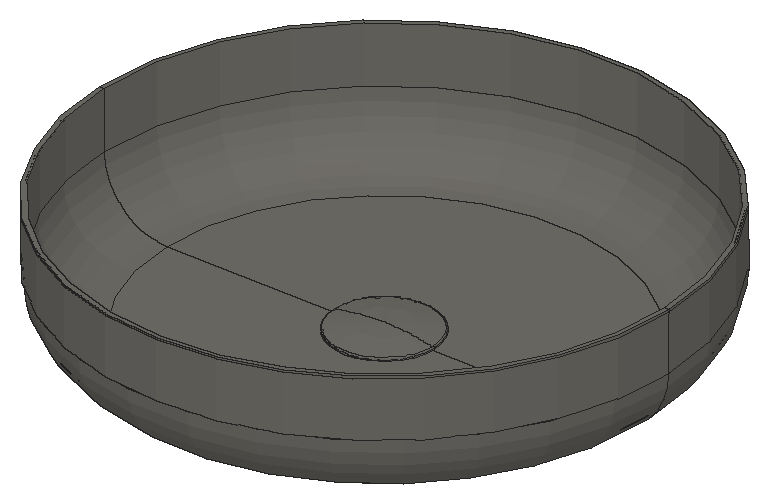
Revit family "Reece_Basin_Alape_Sondo_Above Counter Basin_400 mm", category Plumbing Fixtures, host Face, Revit 2018
Family settings
  Host = Face
  Round Connector Dimension = Use Diameter
  Part Type = Normal
  Cut with Voids When Loaded = No
  Shared = Yes
  Room Calculation Point = Yes
Parameters (values of type "10 L_Enamelled Glazed Steel_Dark Iron")
  WFU = 0  # constant formula
  URL = "https://www.reece.com.au/product/-1806082"
  Type Comments = "Basin"
  Reece_Product_Web Page = "https://www.reece.com.au/product/-1806082"
  Reece_Product_Type = "Basin"  # constant formula
  Reece_Product_Sub Brand = "Sondo"  # constant formula
  Reece_Product_Number = "1806082"
  Reece_Product_Mount = "Above Counter Basin"
  Reece_Product_Description = "Alape Sondo Counter Basin 400mm Dark Iron"
  Reece_Product_Brand = "Alape"  # constant formula
  Reece_Overall_Width = 400 mm  # constant formula
  Reece_Overall_Length = 400 mm  # constant formula
  Reece_Overall_Height = 102 mm  # constant formula
  Reece_Overall_Capacity = 10.00 L  # constant formula
  Reece_Material_Secondary = Reece_Metal_Steel Enamelled_Dark Iron
  Reece_Material_Colour = Reece_Plastic_Black
  Reece_Material-Main = Reece_Metal_Steel Enamelled_Dark Iron
  Reece_Detail_Installation = "Above Counter Basin"  # constant formula
  Reece_Detail_Disclaimer = "THIS FILE IS THE PROPERTY OF THE REECE GROUP. IT MAY NOT BE REPRODUCED, REVERSE-ENGINEERED OR MODIFIED. ANY REPUBLICATION, TRANSMISSION OR DISTRIBUTION FOR THE PURPOSE OF COMMERCIALLY EXPLOITING THE FILES IS PROHIBITED."  # constant formula
  Reece_Detail_Connector = "No Taphole"  # constant formula
  Reece_Detail_Additional = "No Overflow"  # constant formula
  Reece_Basin_Outlet = 32 mm  # constant formula
  Model = "Sondo"
  Manufacturer = "Alape"
  Keynote = "Product #1806082, Reece_Basin_Alape_Sondo_Above Counter Basin_400 mm - 10 L_Enamelled Glazed Steel_Dark Iron"
  HWFU = 0  # constant formula
  Disclaimer = "THIS FILE IS THE PROPERTY OF THE REECE GROUP. IT MAY NOT BE REPRODUCED, REVERSE-ENGINEERED OR MODIFIED. ANY REPUBLICATION, TRANSMISSION OR DISTRIBUTION FOR THE PURPOSE OF COMMERCIALLY EXPLOITING THE FILES IS PROHIBITED."  # constant formula
  Description = "Alape Sondo Counter Basin 400mm Dark Iron"
  Default Elevation = 1000 mm
  CWFU = 0  # constant formula
Types (4, lengths in mm): name | URL | Reece_Product_Web Page | Reece_Product_Number | Reece_Product_Description | Reece_Material_Secondary | Reece_Material_Colour | Reece_Material-Main | Keynote | Description
  (no name) | "https://www.reece.com.au/product/-1806083" | "https://www.reece.com.au/product/-1806083" | "1806083" | "Alape Sondo Counter Basin 400mm Bi-Colour" | Reece_Metal_Steel Enamelled_Matte Black | Reece_Plastic_Black | Reece_Metal_Steel Enamelled_White | "Product #1806083, Reece_Basin_Alape_Sondo_Above Counter Basin_400 mm -  " | "Alape Sondo Counter Basin 400mm Bi-Colour"
  10 L_Enamelled Glazed Steel_Bi-Colour | "https://www.reece.com.au/product/-1806083" | "https://www.reece.com.au/product/-1806083" | "1806083" | "Alape Sondo Counter Basin 400mm Bi-Colour" | Reece_Metal_Steel Enamelled_Matte Black | Reece_Plastic_Black | Reece_Metal_Steel Enamelled_White | "Product #1806083, Reece_Basin_Alape_Sondo_Above Counter Basin_400 mm - 10 L_Enamelled Glazed Steel_Bi-Colour" | "Alape Sondo Counter Basin 400mm Bi-Colour"
  10 L_Enamelled Glazed Steel_Dark Iron | "https://www.reece.com.au/product/-1806082" | "https://www.reece.com.au/product/-1806082" | "1806082" | "Alape Sondo Counter Basin 400mm Dark Iron" | Reece_Metal_Steel Enamelled_Dark Iron | Reece_Plastic_Black | Reece_Metal_Steel Enamelled_Dark Iron | "Product #1806082, Reece_Basin_Alape_Sondo_Above Counter Basin_400 mm - 10 L_Enamelled Glazed Steel_Dark Iron" | "Alape Sondo Counter Basin 400mm Dark Iron"
  10 L_Enamelled Glazed Steel_White | "https://www.reece.com.au/product/-1806081" | "https://www.reece.com.au/product/-1806081" | "1806081" | "Alape Sondo Counter Basin 400mm White" | Reece_Metal_Steel Enamelled_White | Reece_Plastic_White | Reece_Metal_Steel Enamelled_White | "Product #1806081, Reece_Basin_Alape_Sondo_Above Counter Basin_400 mm - 10 L_Enamelled Glazed Steel_White" | "Alape Sondo Counter Basin 400mm White"
Reference planes
  plane 1 "Center (Front/Back)": y = -79.125
  plane 2 "Bottom": z = 0
  plane 3 "Center (Left/Right)": x = 0
  plane 4: y = 120.875
  plane 5: x = 200
  plane 6: x = -200
  plane 7: y = -279.125
  plane 8: z = 11
  plane 9: z = 102
Forms (mm)
  Revolve 1, solid, material "Reece_Plastic_Black" <- "Reece_Material_Colour"
    sketch origin (0, -79.125, 0) x (1, 0, 0) y (0, 0, 1)
      loop
        line (-137.5, 0) -> (-33, 0) -> (-33, 15) -> (-137.5, 15) -> (-137.5, 0)
      axis (0, 15) -> (0, 0)
    angle from 0 to 360
  Extrusion 2, void
    sketch origin (0, 0, 0) x (1, 0, 0) y (0, 1, 0)
      loop
        circle (0, -79.125) r 22.5
    from -57.378 to 33.548
  Revolve 3, solid, material "Reece_Metal_Steel Enamelled_Dark Iron" <- "Reece_Material-Main"
    sketch origin (0, -79.125, 24.581) x (1, 0, 0) y (0, 0, 1)
      loop
        line (0, -37.152) -> (0, -0.315)
        arc (0, -0.315) -> (-17.262, -1.109) -> (-34.312, -3.915) r 147.631
        arc (-34.312, -3.915) -> (-34.807, -4.224) -> (-35, -4.775) r 0.881
        line (-35, -4.775) -> (-35, -5.581) -> (-20, -5.581) -> (-20, -37.152) -> (0, -37.152)
      axis (0, -37.152) -> (0, -0.315)
    angle from 0 to 360
  Extrusion 4, void
    sketch origin (0, 0, 0) x (1, 0, 0) y (0, 1, 0)
      loop
        circle (0, -79.125) r 22.5
    from -111.439 to 28.7
  Revolve 5, solid, material "Reece_Metal_Steel Enamelled_Dark Iron" <- "Reece_Material_Secondary"
    sketch origin (0, -79.125, 0) x (1, 0, 0) y (0, 0, 1)
      loop
        arc (-200, 62) -> (-186.234, 28.766) -> (-153, 15) r 47
        line (-153, 15) -> (-33, 15) -> (-33, 16.5) -> (-153, 16.5)
        arc (-153, 16.5) -> (-185.173, 29.827) -> (-198.5, 62) r 45.5
        line (-198.5, 62) -> (-198.5, 100.5) -> (-200, 100.5) -> (-200, 62)
      axis (0, 100.5) -> (0, 15)
    angle from 0 to 360
  Revolve 6, solid, material "Reece_Metal_Steel Enamelled_Dark Iron" <- "Reece_Material-Main"
    sketch origin (0, -79.125, 0) x (1, 0, 0) y (0, 0, 1)
      loop
        line (-200, 100.5) -> (-198.5, 100.5) -> (-198.5, 62)
        arc (-198.5, 62) -> (-185.173, 29.827) -> (-153, 16.5) r 45.5
        line (-153, 16.5) -> (-33, 16.5) -> (-33, 18) -> (-153, 18)
        arc (-153, 18) -> (-184.113, 30.887) -> (-197, 62) r 44
        line (-197, 62) -> (-197, 102) -> (-200, 102) -> (-200, 100.5)
      axis (0, 102) -> (0, 16.5)
    angle from 0 to 360
Text (mm)
  text "Reece Copyright © 2018, Reece Ltd." at (-902.343, -740.328, 0), in view "Ref. Level"
  text "Reece ©" at (44.384, 258.95, 192.345), in view "Reece Preview"
Dimensions and locks
  equal spacing: plane 6, plane 3 "Center (Left/Right)", plane 5
  "Reece_Overall_Width": plane 6 to plane 5
  "Reece_Overall_Length": plane 4 to plane 7
  equal spacing: plane 4, plane 1 "Center (Front/Back)", plane 7
  "Reece_Overall_Height": plane 9 to plane 2 "Bottom"
  aligned and locked: host face to plane 2 "Bottom"
  aligned and locked: level to host face
  aligned and locked: plane 9 to Revolve 6
Automatic sketch dimensions
  host sketch curve to host sketch curve = 801.051 mm
  host sketch curve to host sketch curve = 660.299 mm
  plane 1 "Center (Front/Back)" to Extrusion 2 sketch curve = 0 mm
  Extrusion 2 sketch curve to plane 3 "Center (Left/Right)" = 0 mm
  Revolve 3 sketch curve to plane 3 "Center (Left/Right)" = 0 mm  (x2)
  Revolve 3 sketch curve to plane 3 "Center (Left/Right)" = 1.858 mm
  plane 8 to Revolve 3 sketch curve = 8 mm
  Revolve 3 sketch curve to plane 3 "Center (Left/Right)" = 20 mm
  Revolve 3 sketch curve to Revolve 3 sketch curve = 14.119 mm
  Revolve 3 sketch curve to Revolve 3 sketch curve = 0.881 mm
  Revolve 3 sketch curve to level = 12.571 mm
  Revolve 3 sketch curve to Revolve 3 sketch curve = 110.783 mm
  Revolve 3 sketch curve to Revolve 3 sketch curve = 0.806 mm
  plane 8 to Revolve 3 sketch curve = 13.266 mm
  Revolve 3 sketch curve to plane 8 = 3.872 mm
  Revolve 3 sketch curve to Revolve 3 sketch curve = 2.138 mm
  plane 1 "Center (Front/Back)" to Extrusion 4 sketch curve = 0 mm
  Extrusion 4 sketch curve to plane 3 "Center (Left/Right)" = 0 mm
  Revolve 5 sketch curve to Revolve 5 sketch curve = 0 mm  (x2)
  Revolve 5 sketch curve to plane 3 "Center (Left/Right)" = 0 mm
  Revolve 5 sketch curve to level = 0 mm
  plane 8 to Revolve 5 sketch curve = 4 mm
  Revolve 5 sketch curve to plane 3 "Center (Left/Right)" = 33 mm
  Revolve 5 sketch curve to plane 6 = 47 mm
  Revolve 5 sketch curve to Revolve 5 sketch curve = 1.5 mm
  plane 8 to Revolve 5 sketch curve = 10.397 mm
  Revolve 5 sketch curve to plane 6 = 1.5 mm
  Revolve 6 sketch curve to Revolve 6 sketch curve = 0 mm  (x2)
  Revolve 6 sketch curve to plane 3 "Center (Left/Right)" = 0 mm
  Revolve 6 sketch curve to level = 0 mm
  plane 8 to Revolve 6 sketch curve = 5.5 mm
  Revolve 6 sketch curve to plane 3 "Center (Left/Right)" = 33 mm
  Revolve 6 sketch curve to plane 6 = 47 mm
  Revolve 6 sketch curve to plane 6 = 3 mm
  Revolve 6 sketch curve to Revolve 6 sketch curve = 1.5 mm  (x3)
  plane 8 to Revolve 6 sketch curve = 10.397 mm
  Revolve 5 sketch curve to Revolve 5 sketch curve = 38.5 mm
  Revolve 6 sketch curve to Revolve 6 sketch curve = 38.5 mm
  Revolve 1 sketch curve to level = 0 mm  (x2)
  Revolve 1 sketch curve to plane 3 "Center (Left/Right)" = 0 mm
  plane 8 to Revolve 1 sketch curve = 4 mm
  Revolve 1 sketch curve to plane 3 "Center (Left/Right)" = 33 mm
  plane 8 to Revolve 1 sketch curve = 10.397 mm
  Revolve 1 sketch curve to plane 6 = 62.5 mm
  radius of Extrusion 2 sketch curve = 22.5 mm
  radius of Extrusion 4 sketch curve = 22.5 mm
Connectors
  piping at (0, -79.125, -12.571), diameter 32, driven by "Reece_Basin_Outlet"
    settings: on Revolve 3, index 1, connector inside diameter 609.6 mm, connector length 0 mm, flow factor 0, pipe flow 0.0 L/s, pressure drop 0.0 Pa, fitting loss kfactor 0, connector angle 0.00°, fixture units 0, engagement length 0 mm, angle of deflection 0.00°, flow configuration 0, flow direction 2, fitting loss method 0, system type 16, joint type 0, gender type 0, connector reference index -1, connector utility 0, adjustable connector no, is connector primary yes, connector description ""
